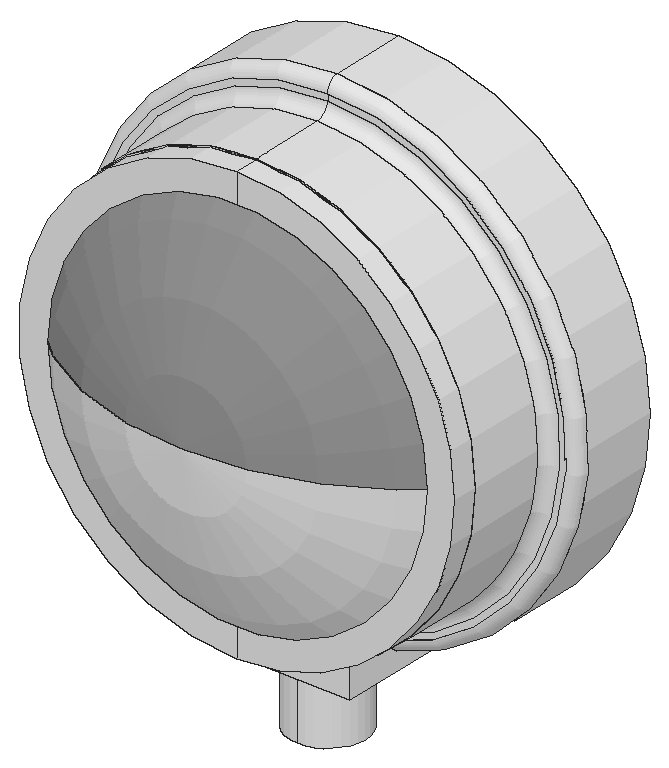
Revit family "WASP2", category Lighting Devices, host Face, Revit 2021
Family settings
  Host = Face
  Maintain Annotation Orientation = Yes
  Round Connector Dimension = Use Diameter
  Part Type = Normal
  OmniClass Number = 23.85.80.11.27
  OmniClass Title = Lighting Controls
  Cut with Voids When Loaded = No
  Shared = No
  Room Calculation Point = No
Parameters (values of type "WASP2")
  Weight = 0.198 kg  # constant formula
  Wattage = 800 W
  Warranty = "Five-year limited"  # constant formula
  Voltage = 120 V
  URL = "https://www.currentlighting.com/nxlightingcontrols"
  Type Comments = "Lighting Device"  # constant formula
  Timer Timeouts = "Primary: 8-second test mode - 4, 8, 16 and 30 minute timeouts; Secondary: Can be disable - 30, 60 and 90 minute timeouts"  # constant formula
  Replacement Lenses [instance] = Coverage : L180
  Product Page URL = ""
  Product Documentation Link = ""
  Power Factor = 1
  PIR Major Motion [instance] = no
  Operating Temperature = "Indoor : 32° to 149°F (0° to 65°C); Outdoor version: -40° to 149°F (-40° to 65°C)"  # constant formula
  Operating Environment = "Standard Version and LWO(Low-Temp/Water Tight/Indoor/Outdoor)"  # constant formula
  Number of Poles = 1
  Model = "WASP2"  # constant formula
  Manufacturer = " NX Lighting Controls"  # constant formula
  Low Mount [instance] = yes
  Load Classification = Lighting
  Lens Options = "Low Mount/High Mount"  # constant formula
  Keynote = ""
  Humidity = "0% to 95%"  # constant formula
  Glass = Plastic -  Glass
  Frequency = 60 Hz
  Field of View [instance] = no
  Electrical Ratings = "120VAC;277VAC;347VAC;480VAC"  # constant formula
  Device Material = Plastic -  White
  Description = "Occupancy Sensors and Controllers"  # constant formula
  Default Elevation = 48.00"
  Create Date = "04/05/2018"  # constant formula
  Coverage = "360°, 180°, Aisle, Half Aisle"  # constant formula
  Copyright = "Copyright © NX Lighting Controls"  # constant formula
  Contact Us = ""
  Connector Description 2 = "Controls"  # constant formula
  Connector Description 1 = "Power Supply"  # constant formula
  Certifications = "UL STD 508, UL STD 244A"  # constant formula
  Assembly Code = "D5020"
  Apparent Load = 0.000 VA
Reference planes (in)
  plane 1 "Center (Front/Back)": y = 0
  plane 2 "Bottom": z = 0
  plane 3 "Center (Left/Right)": x = 0
  plane 4: x = -0.5
  plane 5: x = 0.5
  plane 6: z = 0.53
  plane 7: z = 4.61
  plane 8: y = 0.71
  plane 9: y = -0.71
  plane 10: z = 2.61
  plane 11: z = 0.61
  plane 12: z = 4.36
  plane 13: y = 0.3
  plane 14: y = -0.3
  plane 15: y = 0.4
  plane 16: y = -0.4
Forms (in)
  Revolve 1, solid, material "Plastic -  White" <- "Device Material"
    sketch origin (0, 0, 0) x (0, 1, 0) y (0, 0, 1)
      loop
        line (0.71, 2.61) -> (-0.71, 2.61) -> (-0.71, 0.86) -> (-0.10123, 0.86)
        arc (-0.10123, 0.86) -> (-0.02965, 0.83035) -> (0, 0.75877) r 0.10123
        line (0, 0.75877) -> (0, 0.70793)
        arc (0, 0.70793) -> (0.02868, 0.63868) -> (0.09793, 0.61) r 0.09793
        line (0.09793, 0.61) -> (0.71, 0.61) -> (0.71, 2.61)
      axis (0.71, 2.61) -> (-0.71, 2.61)
    angle from 0 to 360
  Revolve 2, solid, material "Plastic -  White" <- "Device Material"
    sketch origin (0, 0, 0) x (0, 1, 0) y (0, 0, 1)
      loop
        line (0, 0.53) -> (-0.3, 0.53) -> (-0.3, 0) -> (0, 0) -> (0, 0.53)
      axis (0, 0.53) -> (0, 0)
    angle from 0 to 360
  Extrusion 3, solid, material "Plastic -  White" <- "Device Material"
    sketch origin (0, 57.68752, 0.42) x (0, 1, 0) y (-1, 0, 0)
      loop
        line (-57.28752, 0.5) -> (-58.08752, 0.5) -> (-58.08752, -0.5) -> (-57.28752, -0.5) -> (-57.28752, 0.5)
    from 0.11 to 2.19
Cuts and joins
  joined: Revolve 1, Revolve 2, Extrusion 3
Lines and regions (in)
  symbolic lines, style "Device"
    curve 1: circle (0, 0, 2.61) r 2 normal (0, -1, 0)
    curve 2: line (-0.5, 0, 0.67351) -> (-0.5, 0, 0.53)
    curve 3: line (-0.5, 0, 0.53) -> (0.5, 0, 0.53)
    curve 4: line (0.5, 0, 0.53) -> (0.5, 0, 0.67351)
    curve 5: line (-0.3, 0, 0) -> (0.3, 0, 0)
    curve 6: line (-0.3, 0, 0.53) -> (-0.3, 0, 0)
    curve 7: line (0.3, 0, 0) -> (0.3, 0, 0.53)
    curve 10: arc (-1.74, -0.71, 0.42) -> (0, -1.46207, 0.42) -> (1.74, -0.71, 0.42) r 2.38887
  reference lines
    curve 8: line (-0.3, 0, 0) -> (-0.3, 0, 0.78246)
    curve 9: line (0.3, 0, 0) -> (0.3, 0, 0.75)
    curve 11: line (-1.90107, 0, 0.42) -> (-1.85331, 0, 0.42)
    curve 12: line (1.85135, 0, 0.42) -> (1.8994, 0, 0.42)
Dimensions and locks (in)
  equal spacing: plane 5, plane 3 "Center (Left/Right)", plane 4
  plane 3 "Center (Left/Right)" to plane 4 = 0.50"
  locked: plane 3 "Center (Left/Right)" to plane 4 at 0.5
  locked: plane 6 to plane 2 "Bottom" at 0.53
  locked: plane 7 to plane 2 "Bottom" at 4.61
  equal spacing: plane 8, plane 1 "Center (Front/Back)", plane 9
  locked: plane 11 to plane 2 "Bottom" at 0.61
  equal spacing: plane 7, plane 10, plane 11, locked at 2 each
  plane 7 to plane 12 = 0.25"
  equal spacing: plane 13, plane 1 "Center (Front/Back)", plane 14
  locked: plane 1 "Center (Front/Back)" to plane 14 at 0.3
  equal spacing: plane 16, plane 1 "Center (Front/Back)", plane 15
  locked: plane 1 "Center (Front/Back)" to plane 15 at 0.4
  aligned and locked: plane 2 "Bottom" to host face
  aligned and locked: level to host face
  aligned and locked: plane 10 to Revolve 1 sketch curve
  aligned and locked: Revolve 1 sketch curve to plane 10
  aligned and locked: plane 1 "Center (Front/Back)" to Revolve 2 sketch curve
  aligned and locked: plane 6 to Revolve 2 sketch curve
  aligned and locked: Revolve 2 sketch curve to level
  aligned and locked: plane 14 to Revolve 2 sketch curve
  aligned and locked: plane 15 to Extrusion 3 sketch curve
  aligned and locked: plane 4 to Extrusion 3 sketch curve
  aligned and locked: Extrusion 3 sketch curve to plane 16
  aligned and locked: Extrusion 3 sketch curve to plane 5
  aligned and locked: Extrusion 3 to plane 6
  aligned and locked: plane 10 to Extrusion 3
  aligned and locked: curve 2 to plane 4
  aligned and locked: cut or joined group of Revolve 1, Revolve 2, Extrusion 3 to plane 6
  aligned and locked: plane 5 to curve 4
  aligned and locked: curve 3 to plane 6
  aligned and locked: curve 6 to curve 8
  aligned and locked: curve 7 to curve 9
  aligned and locked: curve 5 to plane 2 "Bottom"
  aligned and locked: Revolve 1 sketch curve to plane 8
  aligned and locked: Revolve 1 sketch curve to plane 11
  aligned and locked: plane 1 "Center (Front/Back)" to Revolve 1 sketch curve
  aligned and locked: plane 9 to Revolve 1 sketch curve
  aligned and locked: nested 1 to plane 10
  aligned and locked: nested 1 to plane 3 "Center (Left/Right)"
  aligned and locked: plane 9 to nested 1
Automatic sketch dimensions
  host sketch curve to host sketch curve = 96.00"  (x2)
  Revolve 2 sketch curve to plane 1 "Center (Front/Back)" = 0.00"
  Revolve 2 sketch curve to Revolve 2 sketch curve = 1.25118"
  plane 10 to Revolve 2 sketch curve = 0.50"
  curve 8 to level = 0.00"
  curve 9 to level = 0.00"
  plane 4 to curve 8 = 0.20"
  curve 9 to plane 5 = 0.20"
  plane 11 to curve 9 = 0.14"
  plane 11 to curve 8 = 0.17246"
  curve 1 to plane 3 "Center (Left/Right)" = 0.00"
  curve 1 to plane 10 = 0.00"
  plane 11 to curve 4 = 0.06351"
  plane 9 to Revolve 1 sketch curve = 5.33"
  Revolve 1 sketch curve to Revolve 1 sketch curve = 0.10123"
  Revolve 1 sketch curve to plane 1 "Center (Front/Back)" = 0.09793"
  Revolve 1 sketch curve to Revolve 1 sketch curve = 6.00"
  Revolve 1 sketch curve to Revolve 1 sketch curve = 0.05084"
  plane 1 "Center (Front/Back)" to curve 12 = 0.00"
  plane 1 "Center (Front/Back)" to curve 11 = 0.00"
  curve 11 to curve 11 = 0.04776"
  plane 9 to curve 10 = 0.00"  (x2)
  curve 11 to plane 4 = 1.35331"
  plane 5 to curve 12 = 1.35135"
  curve 12 to curve 12 = 0.04805"
Nested families (in)
  nested 1: "Coverage" at (0, -0.71, 2.61) x (1, 0, 0) z (0, -1, 0), type <- "Replacement Lenses", PIR Major Motion <- "PIR Major Motion", Low Mount <- "Low Mount", Field of View <- "Field of View", type "L180"
    with PIR Major Motion no, Low Mount yes, Field of View no
Connectors (in)
  electrical at (0, 0, 0), driven by "Voltage", driven by "Apparent Load", driven by "Power Factor", driven by "Load Classification", driven by "Number of Poles", driven by "Connector Description 1"
    settings: on host face, index 1, voltage 120 V, apparent load 0.000 VA, apparent load phase1 0.000 VA, apparent load phase2 0.000 VA, apparent load phase3 0.000 VA, power factor 1, load classification "Lighting", number of poles 1, system type 30, power factor state 1, is connector primary yes, connector utility no, sub classification motor no, connector description "Power Supply"
  electrical at (0, 0, 0), driven by "Connector Description 2"
    settings: on cut or joined group of Revolve 1, Revolve 2, Extrusion 3, index 2, voltage 0 V, apparent load 0.000 VA, apparent load phase1 0.000 VA, apparent load phase2 0.000 VA, apparent load phase3 0.000 VA, power factor 1, load classification "Other", number of poles 1, system type 13, power factor state 1, is connector primary no, connector utility no, sub classification motor no, connector description "Controls"
Definition of nested family "Coverage"
  Parameters
    zz YesNo 5 = no
    zz YesNo 4 = no
    zz YesNo 3 = yes
    zz YesNo 2 = yes
    zz YesNo 1 = no
    URL = ""
    Type Comments = ""
    PIR Major Motion [instance] = yes
    PIR Angle = 180.00°
    Model = ""
    Manufacturer = ""
    Low Mount [instance] = no
    Keynote = ""
    Glass = none
    Field of View [instance] = no
    Device Material = none
    Description = ""
    Default Elevation = 48.00"
    Coverage Area = Field of View : L180
  Reference planes (in)
    plane 1 "Center (Front/Back)": y = 0
    plane 2 "Bottom": z = 0
    plane 3 "Center (Left/Right)": x = 0
    plane 4: y = -2.04
    plane 5: y = 2.04
    plane 6: z = 0.75
    plane 7: y = 2.57
    plane 8: z = 0
    plane 9: y = -1.84
    plane 10: y = -1.59
    plane 11: z = 0.19549
    plane 12: y = -1.74
    plane 13: x = -0.5
    plane 14: x = 0.5
    plane 15: y = 0.29956
    plane 16: y = -0.30196
    plane 17: z = 0.95
    plane 18: x = -1.75
    plane 19: x = 1.75
  Forms (in)
    Extrusion 1, solid
      sketch origin (0, 0, 0) x (1, 0, 0) y (0, 1, 0)
        loop
          line (-48, 48) -> (-48, -48) -> (48, -48) -> (48, 48) -> (-48, 48)
      from 0 to -12
    Revolve 2, solid, material <- "Device Material"
      sketch origin (0, 0, 0) x (0, 1, 0) y (0, 0, 1)
        loop
          line (0, 0.19549) -> (-1.74, 0.19549) -> (-1.74, 0) -> (0, 0) -> (0, 0.19549)
        axis (0, 0.19549) -> (0, 0)
      angle from 0 to 360
    Revolve 3, solid, visible <- "zz YesNo 4"
      sketch origin (0, 0, 0) x (0, 1, 0) y (0, 0, 1)
        loop
          arc (0, 0.75) -> (-0.94833, 0.55673) -> (-1.74, 0) r 2.36665
          line (-1.74, 0) -> (0, 0) -> (0, 0.75)
        axis (0, 0.75) -> (0, 0)
      angle from 0 to 360
    Revolve 4, solid, visible <- "zz YesNo 3"
      sketch origin (0, 0, 0) x (0, 1, 0) y (0, 0, 1)
        loop
          arc (0, 0.75) -> (-0.94799, 0.55595) -> (-1.74, 0) r 2.37602
          line (-1.74, 0) -> (0, 0) -> (0, 0.75)
        axis (0, 0.75) -> (0, 0)
      angle from -90 to 90
    Revolve 5, solid, material <- "Glass", visible <- "zz YesNo 2"
      sketch origin (0, 0, 0) x (0, 1, 0) y (0, 0, 1)
        loop
          line (0, 0.75001) -> (0, 0) -> (1.74, 0)
          arc (1.74, 0) -> (0.94803, 0.55603) -> (0, 0.75001) r 2.3751
        axis (0, 0.75001) -> (0, 0)
      angle from -90 to 90
    Revolve 6, solid, visible <- "zz YesNo 1"
      sketch origin (0, 0, 0) x (0, 1, 0) y (0, 0, 1)
        loop
          arc (0, 0.75002) -> (-0.9469, 0.55342) -> (-1.74, 0) r 2.40713
          line (-1.74, 0) -> (0, 0) -> (0, 0.75002)
        axis (0, 0.75002) -> (0, 0)
      angle from 0 to 360
    Revolve 7, solid, material <- "Device Material", visible <- "zz YesNo 5"
      sketch origin (0, 0, 0) x (0, 1, 0) y (0, 0, 1)
        loop
          line (1.74, 0) -> (1.74, 0.14169)
          arc (1.74, 0.14169) -> (0.93823, 0.66346) -> (0, 0.85003) r 2.52849
          line (0, 0.85003) -> (0, 0.75002)
          arc (0, 0.75002) -> (0.94617, 0.55171) -> (1.74, 0) r 2.42849
        axis (0, 0.85003) -> (0, 0)
      angle from 0 to 360
    Sweep 8, void
      path origin (0, 0, 0) x (1, 0, 0) y (0, 0, 1)
        loop
          arc (-0.5, 0.70391) -> (0, 0.75642) -> (0.5, 0.70391) r 2.40682
      profile origin (0, 0, 0.75642) x (0, 0, 1) y (0, -1, 0)
        loop
          line (-0.50642, -1.44507) -> (-0.50642, -1.63325) -> (0.19358, -1.63325) -> (0.19358, 1.58239) -> (-0.46753, 1.58239) -> (-0.46753, 1.40132)
          arc (-0.46753, 1.40132) -> (-0.01816, -0.02829) -> (-0.50642, -1.44507) r 2.39484
  Cuts and joins
    Sweep 8 cuts Revolve 7
  Dimensions and locks (in)
    equal spacing: plane 5, plane 1 "Center (Front/Back)", plane 4
    locked: plane 5 to plane 1 "Center (Front/Back)" at 2.04
    plane 6 to plane 2 "Bottom" = 0.75"
    locked: plane 7 to plane 4 at 4.61
    plane 7 to plane 5 = 0.53"
    plane 6 to plane 8 = 0.75"
    plane 9 to plane 4 = 0.20"
    locked: plane 10 to plane 9 at 0.25
    locked: plane 11 to plane 8 at 0.19549
    locked: plane 12 to plane 9 at 0.1
    equal spacing: plane 14, plane 3 "Center (Left/Right)", plane 13
    plane 3 "Center (Left/Right)" to plane 13 = 0.50"
    locked: plane 3 "Center (Left/Right)" to plane 13 at 0.5
    locked: plane 15 to plane 1 "Center (Front/Back)" at 0.29956
    locked: plane 1 "Center (Front/Back)" to plane 16 at 0.30196
    locked: plane 17 to plane 6 at 0.2
    plane 18 to plane 3 "Center (Left/Right)" to plane 19 = 1.75" locked, 1.75" locked
    aligned and locked: plane 2 "Bottom" to Extrusion 1
    aligned and locked: level to Extrusion 1
    aligned and locked: plane 1 "Center (Front/Back)" to Revolve 2 sketch curve
    aligned and locked: plane 11 to Revolve 2 sketch curve
    aligned and locked: Revolve 2 sketch curve to plane 1 "Center (Front/Back)"
    aligned and locked: Revolve 2 sketch curve to plane 8
    aligned and locked: plane 12 to Revolve 2 sketch curve
    aligned and locked: plane 1 "Center (Front/Back)" to Revolve 3 sketch curve  (x3)
    aligned and locked: plane 12 to Revolve 3 sketch curve
    aligned and locked: plane 1 "Center (Front/Back)" to Revolve 4 sketch curve
    aligned and locked: Revolve 4 sketch curve to plane 1 "Center (Front/Back)"
    aligned and locked: Revolve 4 sketch curve to level
    aligned and locked: plane 12 to Revolve 4 sketch curve
    aligned and locked: plane 1 "Center (Front/Back)" to Revolve 5 sketch curve
    aligned and locked: Revolve 5 sketch curve to plane 1 "Center (Front/Back)"
    aligned and locked: level to Revolve 5 sketch curve
    aligned and locked: plane 1 "Center (Front/Back)" to Revolve 6 sketch curve
    aligned and locked: Revolve 6 sketch curve to plane 1 "Center (Front/Back)"
    aligned and locked: Revolve 6 sketch curve to level
    aligned and locked: plane 12 to Revolve 6 sketch curve
    aligned and locked: plane 1 "Center (Front/Back)" to Revolve 7 sketch curve  (x2)
    aligned and locked: plane 3 "Center (Left/Right)" to nested 1
    aligned and locked: plane 1 "Center (Front/Back)" to nested 1
  Automatic sketch dimensions
    Extrusion 1 sketch curve to Extrusion 1 sketch curve = 96.00"  (x2)
    Revolve 2 sketch curve to level = 0.75439"
    plane 6 to Revolve 2 sketch curve = 2.20357"
    Revolve 3 sketch curve to level = 0.00"
    Revolve 3 sketch curve to plane 6 = 0.00"
    plane 1 "Center (Front/Back)" to Revolve 3 sketch curve = 0.01154"
    Revolve 3 sketch curve to Revolve 3 sketch curve = 0.28769"
    Revolve 3 sketch curve to Revolve 3 sketch curve = 1.42107"
    Revolve 4 sketch curve to plane 6 = 0.00"
    plane 1 "Center (Front/Back)" to Revolve 4 sketch curve = 0.00749"
    Revolve 4 sketch curve to Revolve 4 sketch curve = 0.73502"
    Revolve 4 sketch curve to Revolve 4 sketch curve = 1.3896"
    Revolve 5 sketch curve to plane 1 "Center (Front/Back)" = 0.00788"
    plane 5 to Revolve 5 sketch curve = 0.30"
    Revolve 5 sketch curve to level = 0.75"
    Revolve 5 sketch curve to Revolve 5 sketch curve = 0.87508"
    Revolve 5 sketch curve to Revolve 5 sketch curve = 0.99999"
    Revolve 6 sketch curve to plane 1 "Center (Front/Back)" = 0.00594"
    Revolve 6 sketch curve to level = 0.60877"
    Revolve 6 sketch curve to Revolve 6 sketch curve = 1.04833"
    Revolve 6 sketch curve to Revolve 6 sketch curve = 1.17202"
    Revolve 7 sketch curve to level = 0.00"
    plane 1 "Center (Front/Back)" to Revolve 7 sketch curve = 0.01513"
    plane 5 to Revolve 7 sketch curve = 0.30"
    Revolve 7 sketch curve to level = 0.58364"
    Revolve 7 sketch curve to plane 11 = 0.05381"
    plane 17 to Revolve 7 sketch curve = 0.2951"
    Revolve 7 sketch curve to Revolve 7 sketch curve = 0.39507"
    Revolve 7 sketch curve to Revolve 7 sketch curve = 0.00"  (x2)
    Sweep 8 sketch curve to plane 13 = 0.00"
    Sweep 8 sketch curve to plane 3 "Center (Left/Right)" = 0.00"
    Sweep 8 sketch curve to plane 14 = 0.00"
    Sweep 8 sketch curve to level = 1.6504"
    Sweep 8 sketch curve to plane 6 = 0.04609"
    plane 1 "Center (Front/Back)" to Sweep 8 sketch curve = 0.00444"
    profile plane to Sweep 8 sketch curve = 2.41277"
    profile plane to Sweep 8 sketch curve = 0.50642"
    profile plane to Sweep 8 sketch curve = 0.46753"
    Sweep 8 sketch curve to profile plane = 0.19358"
    Sweep 8 sketch curve to plane 1 "Center (Front/Back)" = 1.44507"
    Sweep 8 sketch curve to Sweep 8 sketch curve = 0.18818"
    Sweep 8 sketch curve to Sweep 8 sketch curve = 0.18108"
  Nested families (in)
    nested 1: "Field of View" at (0, 0, 0), type <- "Coverage Area", type "L180"
      with zz Length 1 594.00", Mounting Height 360.00", zz YesNo 3 no, Low Mount no, Highbay Radius 594.00", Height 540.00", Field of View no
  Definition of nested family "Field of View"
    Parameters
      zz YesNo 4 = and(zz Integer 1 = 3, Field of View)  # no
      zz YesNo 3 = and(zz Integer 1 = 2, Field of View, PIR Major Motion)  # yes
      zz Length 1 [instance] = if(Height = 96.00", 288.00", Height * 1.1)  # 288.00"
      zz Integer 1 = 2
      PIR Double side = 0.00"
      PIR Angle = 180.00°
      PIR Major Motion = yes
      Mounting Height [instance] = 360.00"
      Low Mount = yes
      Highbay Radius = if(Low Mount, 288.00", Height * 1.1)  # 288.00"
      Height = if(Low Mount, 96.00", 540.00")  # 96.00"
      Field of View = yes
      Default Elevation = 0.00"
    Reference planes (in)
      plane 1 "Center (Front/Back)": y = 0
      plane 2: z = 0
      plane 3 "Center (Left/Right)": x = 0
      plane 4: z = 96
      plane 5: y = 594
      plane 6: y = 0
    Forms (in)
      Revolve 1, solid, visible <- "zz YesNo 3"
        sketch origin (0, 0, 0) x (1, 0, 0) y (0, 0, 1)
          loop
            line (0, 0) -> (0.798, 0) -> (288, 96) -> (0, 96) -> (0, 0)
          axis (0, 0) -> (0, 96)
        angle from 0 to 180 <- "PIR Angle"
      Blend 2, solid, visible <- "zz YesNo 4"
        base sketch origin (0, 0, 0) x (1, 0, 0) y (0, 1, 0)
          loop
            line (-0.75, 1.5) -> (-0.75, -1.5) -> (0.75, -1.5) -> (0.75, 1.5) -> (-0.75, 1.5)
        top sketch origin (0, 0, 0) x (1, 0, 0) y (0, 1, 0)
          loop
            line (-594, 0) -> (594, 0) -> (594, 594) -> (-594, 594) -> (-594, 0)
        from 0 to 96
    Dimensions and locks (in)
      "Height": plane 4 to plane 2
      "zz Length 1": Revolve 1 sketch curve to Revolve 1 sketch curve
      locked: plane 5 to plane 1 "Center (Front/Back)" at 594
      "PIR Double side": plane 1 "Center (Front/Back)" to plane 6
      Blend 2 sketch curve to plane 3 "Center (Left/Right)" to Blend 2 sketch curve = 594.00" locked, 594.00" locked
      aligned and locked: plane 2 to level
      aligned and locked: plane 3 "Center (Left/Right)" to Revolve 1 sketch curve
      aligned and locked: plane 2 to Revolve 1 sketch curve
      aligned and locked: plane 5 to Blend 2 sketch curve
      aligned and locked: Blend 2 sketch curve to plane 6
      aligned and locked: plane 4 to Blend 2
    Automatic sketch dimensions
      Blend 2 sketch curve to plane 3 "Center (Left/Right)" = 0.75"
      plane 3 "Center (Left/Right)" to Blend 2 sketch curve = 0.75"
      plane 1 "Center (Front/Back)" to Blend 2 sketch curve = 1.50"
      Blend 2 sketch curve to plane 1 "Center (Front/Back)" = 1.50"
      Revolve 1 sketch curve to plane 3 "Center (Left/Right)" = 0.00"
      Revolve 1 sketch curve to plane 4 = 0.00"
      Revolve 1 sketch curve to Revolve 1 sketch curve = 0.798"
      Revolve 1 sketch curve to Revolve 1 sketch curve = 11.00"
      Revolve 1 sketch curve to Revolve 1 sketch curve = 7.00"
